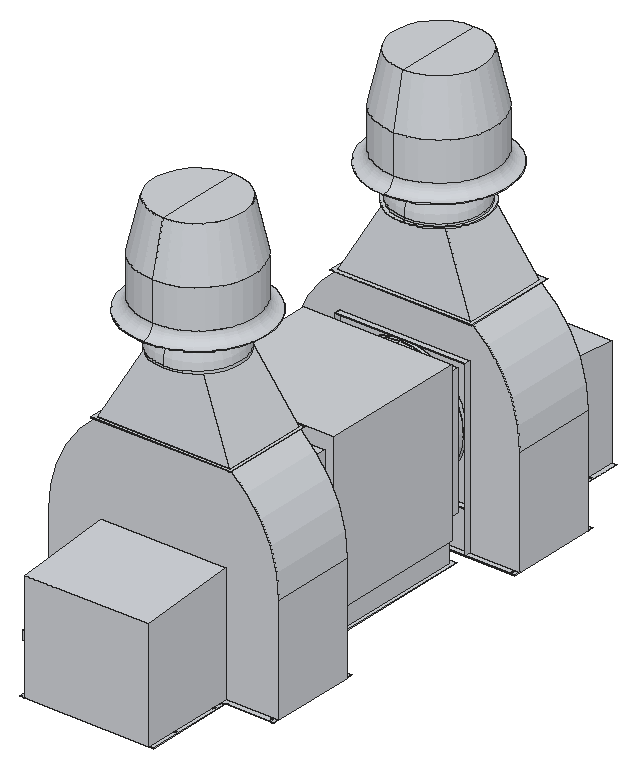
Revit family "CAVP_Opposed_with_Mixing_Box", category Mechanical Equipment, Revit 2019 (continued)
Types (228): name | TRANSITION/2 | TRANSITION | RO/2 | R-((B/2)+1.5") | R+((B/2)+1.5") | R*1.1 | R | OPP | MB_P-4.5" | MB_P+.25" | P | NOZZLE_WB_RAD-2" | NOZZLE_WB_RAD | NOZZLE_WB_OD | NOZZLE_WB/4 | NOZZLE_TOP_RAD | NOZZLE_TOP_OD | NOZZLE_SIZE | NOZZLE_HEIGHT/7*2 | NOZZLE_HEIGHT | NOZZLE_BOTTOM_RAD-3*2 | NOZZLE_BOTTOM_RAD | NOZZLE_BOTTOM_ID | MB_N-(D-J-K-L) | N+(H/2) | N | MB_Q | MB_P | MB_N | MB_HEIGHT/2 | MB_HEIGHT | MB_F | MB_A-D-MB_N-(D-J-K-L) | MB_A | M-(2*(D-L-K-J)) | M | L | K | J+K+L | J | HEIGHT | H/2 | H | F/2 | MB_F-3" | F | E/52*15 | E/2 | E | D-M | D-L-K-J | D | CURB_HEIGHT | CLASS | C/2 | C | B/4 | B/2 | B | A/2 | A | Type Comments | -MB_P-.25" | -(F-((F-H)/2))/2 | -((MB_Q / 2) + 1/8") | (NOZZLE_WB_OD - NOZZLE_TOP_OD) / 4 | (NOZZLE_HEIGHT - (NOZZLE_HEIGHT / 8 * 2)) / 2 | (MB_Q/2)+.125" | (MB_P/2)+.125" | (M - (2 * (D - L - K - J)))/2 | (F-((F-H)/2))/2 | (D-J-K-L)*2 | (B/2)-.125" | (B/2)+1.5" | ((M - (2 * (D - L - K - J))) / 2) + (TRANSITION / 2)
  245_CAVP-18L_CLASS_1_Dual_Opposed_Mixing_Box | 9.05981" | 18.11961" | 17 3/4" | 10 25/32" | 43 7/32" | 29.7" | 27" | 166" | 35 1/2" | 40 1/4" | 60" | 19 1/2" | 21 1/2" | 43" | 8.6" | 13 3/4" | 27 1/2" | 18" | 12" | 48" | 6 13/16" | 12 13/16" | 25 5/8" | 13 3/16" | 24 7/32" | 9 13/32" | 40" | 40" | 14 3/16" | 22 5/8" | 45 1/4" | 7 1/2" | 59 7/8" | 124 15/16" | 19" | 21" | 23" | 16 7/8" | 48 7/8" | 9" | 49.89946" | 14 13/16" | 29 5/8" | 15 13/16" | 4 1/2" | 31 5/8" | 15.1262" | 26 7/32" | 52 7/16" | 28 7/8" | 1" | 49 7/8" | 12" | 1" | 32 3/8" | 64 3/4" | 7 23/64" | 14 23/32" | 29 7/16" | 56 1/8" | 112 1/4" | "Dual Vari-Plume Laboratory Exhaust Centrifugal Airfoil Class 1 Arr 10 With Opposed Mixing Box" | -40 1/4" | -13 13/16" | -20 1/8" | 3 7/8" | 18" | 20 1/8" | 20 1/8" | 9 1/2" | 13 13/16" | 2" | 14 19/32" | 16 7/32" | 18.55981"
  245_CAVP-18H_CLASS_1_Dual_Opposed_Mixing_Box | 9.05981" | 18.11961" | 17 3/4" | 10 25/32" | 43 7/32" | 29.7" | 27" | 166" | 35 1/2" | 40 1/4" | 60" | 19 1/2" | 21 1/2" | 43" | 8.6" | 13 3/4" | 27 1/2" | 18" | 12" | 48" | 6 13/16" | 12 13/16" | 25 5/8" | 13 3/16" | 24 7/32" | 9 13/32" | 40" | 40" | 14 3/16" | 22 5/8" | 45 1/4" | 7 1/2" | 59 7/8" | 124 15/16" | 19" | 21" | 23" | 16 7/8" | 48 7/8" | 9" | 49.89946" | 14 13/16" | 29 5/8" | 15 13/16" | 4 1/2" | 31 5/8" | 15.1262" | 26 7/32" | 52 7/16" | 28 7/8" | 1" | 49 7/8" | 12" | 1" | 32 3/8" | 64 3/4" | 7 23/64" | 14 23/32" | 29 7/16" | 56 1/8" | 112 1/4" | "Dual Vari-Plume Laboratory Exhaust Centrifugal Airfoil Class 1 Arr 10 With Opposed Mixing Box" | -40 1/4" | -13 13/16" | -20 1/8" | 3 7/8" | 18" | 20 1/8" | 20 1/8" | 9 1/2" | 13 13/16" | 2" | 14 19/32" | 16 7/32" | 18.55981"
  245_CAVP-12L_CLASS_2_Dual_Opposed_Mixing_Box | 6.0325" | 12.06501" | 17 3/4" | 10 25/32" | 43 7/32" | 29.7" | 27" | 174 1/2" | 35 1/2" | 40 1/4" | 60" | 12" | 14" | 28" | 5.6" | 9 3/4" | 19 1/2" | 12" | 8" | 32" | 2 17/32" | 8 17/32" | 17 1/16" | 13 3/16" | 24 7/32" | 9 13/32" | 40" | 40" | 14 3/16" | 22 5/8" | 45 1/4" | 7 1/2" | 59 7/8" | 129 3/16" | 19" | 21" | 23" | 21 1/8" | 53 1/8" | 9" | 49.89946" | 14 13/16" | 29 5/8" | 15 13/16" | 4 1/2" | 31 5/8" | 15.1262" | 26 7/32" | 52 7/16" | 33 1/8" | 1" | 54 1/8" | 12" | 2" | 32 3/8" | 64 3/4" | 7 23/64" | 14 23/32" | 29 7/16" | 56 1/8" | 112 1/4" | "Dual Vari-Plume Laboratory Exhaust Centrifugal Airfoil Class 2 Arr 10 With Opposed Mixing Box" | -40 1/4" | -13 13/16" | -20 1/8" | 2 1/8" | 12" | 20 1/8" | 20 1/8" | 9 1/2" | 13 13/16" | 2" | 14 19/32" | 16 7/32" | 15.5325"
  245_CAVP-12H_CLASS_2_Dual_Opposed_Mixing_Box | 6.0325" | 12.06501" | 17 3/4" | 10 25/32" | 43 7/32" | 29.7" | 27" | 174 1/2" | 35 1/2" | 40 1/4" | 60" | 12" | 14" | 28" | 5.6" | 9 3/4" | 19 1/2" | 12" | 8" | 32" | 2 17/32" | 8 17/32" | 17 1/16" | 13 3/16" | 24 7/32" | 9 13/32" | 40" | 40" | 14 3/16" | 22 5/8" | 45 1/4" | 7 1/2" | 59 7/8" | 129 3/16" | 19" | 21" | 23" | 21 1/8" | 53 1/8" | 9" | 49.89946" | 14 13/16" | 29 5/8" | 15 13/16" | 4 1/2" | 31 5/8" | 15.1262" | 26 7/32" | 52 7/16" | 33 1/8" | 1" | 54 1/8" | 12" | 2" | 32 3/8" | 64 3/4" | 7 23/64" | 14 23/32" | 29 7/16" | 56 1/8" | 112 1/4" | "Dual Vari-Plume Laboratory Exhaust Centrifugal Airfoil Class 2 Arr 10 With Opposed Mixing Box" | -40 1/4" | -13 13/16" | -20 1/8" | 2 1/8" | 12" | 20 1/8" | 20 1/8" | 9 1/2" | 13 13/16" | 2" | 14 19/32" | 16 7/32" | 15.5325"
  245_CAVP-15L_CLASS_2_Dual_Opposed_Mixing_Box | 7.5572" | 15.11441" | 17 3/4" | 10 25/32" | 43 7/32" | 29.7" | 27" | 174 1/2" | 35 1/2" | 40 1/4" | 60" | 16" | 18" | 36" | 7.2" | 11 1/2" | 23" | 15" | 10 3/4" | 43" | 4 11/16" | 10 11/16" | 21 3/8" | 13 3/16" | 24 7/32" | 9 13/32" | 40" | 40" | 14 3/16" | 22 5/8" | 45 1/4" | 7 1/2" | 59 7/8" | 129 3/16" | 19" | 21" | 23" | 21 1/8" | 53 1/8" | 9" | 49.89946" | 14 13/16" | 29 5/8" | 15 13/16" | 4 1/2" | 31 5/8" | 15.1262" | 26 7/32" | 52 7/16" | 33 1/8" | 1" | 54 1/8" | 12" | 2" | 32 3/8" | 64 3/4" | 7 23/64" | 14 23/32" | 29 7/16" | 56 1/8" | 112 1/4" | "Dual Vari-Plume Laboratory Exhaust Centrifugal Airfoil Class 2 Arr 10 With Opposed Mixing Box" | -40 1/4" | -13 13/16" | -20 1/8" | 3 1/4" | 16 1/8" | 20 1/8" | 20 1/8" | 9 1/2" | 13 13/16" | 2" | 14 19/32" | 16 7/32" | 17.0572"
  245_CAVP-15H_CLASS_2_Dual_Opposed_Mixing_Box | 7.5572" | 15.11441" | 17 3/4" | 10 25/32" | 43 7/32" | 29.7" | 27" | 174 1/2" | 35 1/2" | 40 1/4" | 60" | 16" | 18" | 36" | 7.2" | 11 1/2" | 23" | 15" | 10 3/4" | 43" | 4 11/16" | 10 11/16" | 21 3/8" | 13 3/16" | 24 7/32" | 9 13/32" | 40" | 40" | 14 3/16" | 22 5/8" | 45 1/4" | 7 1/2" | 59 7/8" | 129 3/16" | 19" | 21" | 23" | 21 1/8" | 53 1/8" | 9" | 49.89946" | 14 13/16" | 29 5/8" | 15 13/16" | 4 1/2" | 31 5/8" | 15.1262" | 26 7/32" | 52 7/16" | 33 1/8" | 1" | 54 1/8" | 12" | 2" | 32 3/8" | 64 3/4" | 7 23/64" | 14 23/32" | 29 7/16" | 56 1/8" | 112 1/4" | "Dual Vari-Plume Laboratory Exhaust Centrifugal Airfoil Class 2 Arr 10 With Opposed Mixing Box" | -40 1/4" | -13 13/16" | -20 1/8" | 3 1/4" | 16 1/8" | 20 1/8" | 20 1/8" | 9 1/2" | 13 13/16" | 2" | 14 19/32" | 16 7/32" | 17.0572"
  245_CAVP-18L_CLASS_2_Dual_Opposed_Mixing_Box | 9.05981" | 18.11961" | 17 3/4" | 10 25/32" | 43 7/32" | 29.7" | 27" | 174 1/2" | 35 1/2" | 40 1/4" | 60" | 19 1/2" | 21 1/2" | 43" | 8.6" | 13 3/4" | 27 1/2" | 18" | 12" | 48" | 6 13/16" | 12 13/16" | 25 5/8" | 13 3/16" | 24 7/32" | 9 13/32" | 40" | 40" | 14 3/16" | 22 5/8" | 45 1/4" | 7 1/2" | 59 7/8" | 129 3/16" | 19" | 21" | 23" | 21 1/8" | 53 1/8" | 9" | 49.89946" | 14 13/16" | 29 5/8" | 15 13/16" | 4 1/2" | 31 5/8" | 15.1262" | 26 7/32" | 52 7/16" | 33 1/8" | 1" | 54 1/8" | 12" | 2" | 32 3/8" | 64 3/4" | 7 23/64" | 14 23/32" | 29 7/16" | 56 1/8" | 112 1/4" | "Dual Vari-Plume Laboratory Exhaust Centrifugal Airfoil Class 2 Arr 10 With Opposed Mixing Box" | -40 1/4" | -13 13/16" | -20 1/8" | 3 7/8" | 18" | 20 1/8" | 20 1/8" | 9 1/2" | 13 13/16" | 2" | 14 19/32" | 16 7/32" | 18.55981"
  245_CAVP-18H_CLASS_2_Dual_Opposed_Mixing_Box | 9.05981" | 18.11961" | 17 3/4" | 10 25/32" | 43 7/32" | 29.7" | 27" | 174 1/2" | 35 1/2" | 40 1/4" | 60" | 19 1/2" | 21 1/2" | 43" | 8.6" | 13 3/4" | 27 1/2" | 18" | 12" | 48" | 6 13/16" | 12 13/16" | 25 5/8" | 13 3/16" | 24 7/32" | 9 13/32" | 40" | 40" | 14 3/16" | 22 5/8" | 45 1/4" | 7 1/2" | 59 7/8" | 129 3/16" | 19" | 21" | 23" | 21 1/8" | 53 1/8" | 9" | 49.89946" | 14 13/16" | 29 5/8" | 15 13/16" | 4 1/2" | 31 5/8" | 15.1262" | 26 7/32" | 52 7/16" | 33 1/8" | 1" | 54 1/8" | 12" | 2" | 32 3/8" | 64 3/4" | 7 23/64" | 14 23/32" | 29 7/16" | 56 1/8" | 112 1/4" | "Dual Vari-Plume Laboratory Exhaust Centrifugal Airfoil Class 2 Arr 10 With Opposed Mixing Box" | -40 1/4" | -13 13/16" | -20 1/8" | 3 7/8" | 18" | 20 1/8" | 20 1/8" | 9 1/2" | 13 13/16" | 2" | 14 19/32" | 16 7/32" | 18.55981"
  270_CAVP-12L_CLASS_1_Dual_Opposed_Mixing_Box | 6.0325" | 12.06501" | 19 1/4" | 9 17/32" | 44 15/32" | 29.7" | 27" | 178 1/4" | 38 1/2" | 43 1/4" | 60" | 12" | 14" | 28" | 5.6" | 9 3/4" | 19 1/2" | 12" | 8" | 32" | 2 17/32" | 8 17/32" | 17 1/16" | 13 3/16" | 26 25/32" | 10 19/32" | 43" | 43" | 14 3/16" | 23 7/8" | 47 3/4" | 6 1/4" | 62 3/4" | 132 7/16" | 20 7/8" | 22 7/8" | 24 7/8" | 19 1/8" | 53 1/2" | 9 1/2" | 52.13754" | 16 3/16" | 32 3/8" | 17 3/16" | 3 1/4" | 34 3/8" | 16.60457" | 28 25/32" | 57 9/16" | 31 5/8" | 1" | 54 1/2" | 12" | 1" | 34 15/32" | 68 15/16" | 7 63/64" | 15 31/32" | 31 15/16" | 58 7/32" | 116 7/16" | "Dual Vari-Plume Laboratory Exhaust Centrifugal Airfoil Class 1 Arr 10 With Opposed Mixing Box" | -43 1/4" | -15 3/16" | -21 5/8" | 2 1/8" | 12" | 21 5/8" | 21 5/8" | 10 7/16" | 15 3/16" | 2" | 15 27/32" | 17 15/32" | 16.47"
  270_CAVP-12H_CLASS_1_Dual_Opposed_Mixing_Box | 6.0325" | 12.06501" | 19 1/4" | 9 17/32" | 44 15/32" | 29.7" | 27" | 178 1/4" | 38 1/2" | 43 1/4" | 60" | 12" | 14" | 28" | 5.6" | 9 3/4" | 19 1/2" | 12" | 8" | 32" | 2 17/32" | 8 17/32" | 17 1/16" | 13 3/16" | 26 25/32" | 10 19/32" | 43" | 43" | 14 3/16" | 23 7/8" | 47 3/4" | 6 1/4" | 62 3/4" | 132 7/16" | 20 7/8" | 22 7/8" | 24 7/8" | 19 1/8" | 53 1/2" | 9 1/2" | 52.13754" | 16 3/16" | 32 3/8" | 17 3/16" | 3 1/4" | 34 3/8" | 16.60457" | 28 25/32" | 57 9/16" | 31 5/8" | 1" | 54 1/2" | 12" | 1" | 34 15/32" | 68 15/16" | 7 63/64" | 15 31/32" | 31 15/16" | 58 7/32" | 116 7/16" | "Dual Vari-Plume Laboratory Exhaust Centrifugal Airfoil Class 1 Arr 10 With Opposed Mixing Box" | -43 1/4" | -15 3/16" | -21 5/8" | 2 1/8" | 12" | 21 5/8" | 21 5/8" | 10 7/16" | 15 3/16" | 2" | 15 27/32" | 17 15/32" | 16.47"
  270_CAVP-15L_CLASS_1_Dual_Opposed_Mixing_Box | 7.5572" | 15.11441" | 19 1/4" | 9 17/32" | 44 15/32" | 29.7" | 27" | 178 1/4" | 38 1/2" | 43 1/4" | 60" | 16" | 18" | 36" | 7.2" | 11 1/2" | 23" | 15" | 10 3/4" | 43" | 4 11/16" | 10 11/16" | 21 3/8" | 13 3/16" | 26 25/32" | 10 19/32" | 43" | 43" | 14 3/16" | 23 7/8" | 47 3/4" | 6 1/4" | 62 3/4" | 132 7/16" | 20 7/8" | 22 7/8" | 24 7/8" | 19 1/8" | 53 1/2" | 9 1/2" | 52.13754" | 16 3/16" | 32 3/8" | 17 3/16" | 3 1/4" | 34 3/8" | 16.60457" | 28 25/32" | 57 9/16" | 31 5/8" | 1" | 54 1/2" | 12" | 1" | 34 15/32" | 68 15/16" | 7 63/64" | 15 31/32" | 31 15/16" | 58 7/32" | 116 7/16" | "Dual Vari-Plume Laboratory Exhaust Centrifugal Airfoil Class 1 Arr 10 With Opposed Mixing Box" | -43 1/4" | -15 3/16" | -21 5/8" | 3 1/4" | 16 1/8" | 21 5/8" | 21 5/8" | 10 7/16" | 15 3/16" | 2" | 15 27/32" | 17 15/32" | 17.9947"
  270_CAVP-15H_CLASS_1_Dual_Opposed_Mixing_Box | 7.5572" | 15.11441" | 19 1/4" | 9 17/32" | 44 15/32" | 29.7" | 27" | 178 1/4" | 38 1/2" | 43 1/4" | 60" | 16" | 18" | 36" | 7.2" | 11 1/2" | 23" | 15" | 10 3/4" | 43" | 4 11/16" | 10 11/16" | 21 3/8" | 13 3/16" | 26 25/32" | 10 19/32" | 43" | 43" | 14 3/16" | 23 7/8" | 47 3/4" | 6 1/4" | 62 3/4" | 132 7/16" | 20 7/8" | 22 7/8" | 24 7/8" | 19 1/8" | 53 1/2" | 9 1/2" | 52.13754" | 16 3/16" | 32 3/8" | 17 3/16" | 3 1/4" | 34 3/8" | 16.60457" | 28 25/32" | 57 9/16" | 31 5/8" | 1" | 54 1/2" | 12" | 1" | 34 15/32" | 68 15/16" | 7 63/64" | 15 31/32" | 31 15/16" | 58 7/32" | 116 7/16" | "Dual Vari-Plume Laboratory Exhaust Centrifugal Airfoil Class 1 Arr 10 With Opposed Mixing Box" | -43 1/4" | -15 3/16" | -21 5/8" | 3 1/4" | 16 1/8" | 21 5/8" | 21 5/8" | 10 7/16" | 15 3/16" | 2" | 15 27/32" | 17 15/32" | 17.9947"
  270_CAVP-18L_CLASS_1_Dual_Opposed_Mixing_Box | 9.05981" | 18.11961" | 19 1/4" | 9 17/32" | 44 15/32" | 29.7" | 27" | 178 1/4" | 38 1/2" | 43 1/4" | 60" | 19 1/2" | 21 1/2" | 43" | 8.6" | 13 3/4" | 27 1/2" | 18" | 12" | 48" | 6 13/16" | 12 13/16" | 25 5/8" | 13 3/16" | 26 25/32" | 10 19/32" | 43" | 43" | 14 3/16" | 23 7/8" | 47 3/4" | 6 1/4" | 62 3/4" | 132 7/16" | 20 7/8" | 22 7/8" | 24 7/8" | 19 1/8" | 53 1/2" | 9 1/2" | 52.13754" | 16 3/16" | 32 3/8" | 17 3/16" | 3 1/4" | 34 3/8" | 16.60457" | 28 25/32" | 57 9/16" | 31 5/8" | 1" | 54 1/2" | 12" | 1" | 34 15/32" | 68 15/16" | 7 63/64" | 15 31/32" | 31 15/16" | 58 7/32" | 116 7/16" | "Dual Vari-Plume Laboratory Exhaust Centrifugal Airfoil Class 1 Arr 10 With Opposed Mixing Box" | -43 1/4" | -15 3/16" | -21 5/8" | 3 7/8" | 18" | 21 5/8" | 21 5/8" | 10 7/16" | 15 3/16" | 2" | 15 27/32" | 17 15/32" | 19.49731"
  270_CAVP-18H_CLASS_1_Dual_Opposed_Mixing_Box | 9.05981" | 18.11961" | 19 1/4" | 9 17/32" | 44 15/32" | 29.7" | 27" | 178 1/4" | 38 1/2" | 43 1/4" | 60" | 19 1/2" | 21 1/2" | 43" | 8.6" | 13 3/4" | 27 1/2" | 18" | 12" | 48" | 6 13/16" | 12 13/16" | 25 5/8" | 13 3/16" | 26 25/32" | 10 19/32" | 43" | 43" | 14 3/16" | 23 7/8" | 47 3/4" | 6 1/4" | 62 3/4" | 132 7/16" | 20 7/8" | 22 7/8" | 24 7/8" | 19 1/8" | 53 1/2" | 9 1/2" | 52.13754" | 16 3/16" | 32 3/8" | 17 3/16" | 3 1/4" | 34 3/8" | 16.60457" | 28 25/32" | 57 9/16" | 31 5/8" | 1" | 54 1/2" | 12" | 1" | 34 15/32" | 68 15/16" | 7 63/64" | 15 31/32" | 31 15/16" | 58 7/32" | 116 7/16" | "Dual Vari-Plume Laboratory Exhaust Centrifugal Airfoil Class 1 Arr 10 With Opposed Mixing Box" | -43 1/4" | -15 3/16" | -21 5/8" | 3 7/8" | 18" | 21 5/8" | 21 5/8" | 10 7/16" | 15 3/16" | 2" | 15 27/32" | 17 15/32" | 19.49731"
  270_CAVP-12L_CLASS_2_Dual_Opposed_Mixing_Box | 6.0325" | 12.06501" | 19 1/4" | 9 17/32" | 44 15/32" | 29.7" | 27" | 182 1/4" | 38 1/2" | 43 1/4" | 60" | 12" | 14" | 28" | 5.6" | 9 3/4" | 19 1/2" | 12" | 8" | 32" | 2 17/32" | 8 17/32" | 17 1/16" | 13 3/16" | 26 3/16" | 10" | 43" | 43" | 14 3/16" | 23 7/8" | 47 3/4" | 6 1/4" | 62 3/4" | 134 7/16" | 20 7/8" | 22 7/8" | 24 7/8" | 21 3/8" | 55 1/2" | 9 1/4" | 52.13754" | 16 3/16" | 32 3/8" | 17 3/16" | 3 1/4" | 34 3/8" | 16.60457" | 28 25/32" | 57 9/16" | 33 5/8" | 1" | 56 1/2" | 12" | 2" | 34 15/32" | 68 15/16" | 7 63/64" | 15 31/32" | 31 15/16" | 58 7/32" | 116 7/16" | "Dual Vari-Plume Laboratory Exhaust Centrifugal Airfoil Class 2 Arr 10 With Opposed Mixing Box" | -43 1/4" | -15 3/16" | -21 5/8" | 2 1/8" | 12" | 21 5/8" | 21 5/8" | 10 7/16" | 15 3/16" | 2" | 15 27/32" | 17 15/32" | 16.47"
  270_CAVP-12H_CLASS_2_Dual_Opposed_Mixing_Box | 6.0325" | 12.06501" | 19 1/4" | 9 17/32" | 44 15/32" | 29.7" | 27" | 182 1/4" | 38 1/2" | 43 1/4" | 60" | 12" | 14" | 28" | 5.6" | 9 3/4" | 19 1/2" | 12" | 8" | 32" | 2 17/32" | 8 17/32" | 17 1/16" | 13 3/16" | 26 3/16" | 10" | 43" | 43" | 14 3/16" | 23 7/8" | 47 3/4" | 6 1/4" | 62 3/4" | 134 7/16" | 20 7/8" | 22 7/8" | 24 7/8" | 21 3/8" | 55 1/2" | 9 1/4" | 52.13754" | 16 3/16" | 32 3/8" | 17 3/16" | 3 1/4" | 34 3/8" | 16.60457" | 28 25/32" | 57 9/16" | 33 5/8" | 1" | 56 1/2" | 12" | 2" | 34 15/32" | 68 15/16" | 7 63/64" | 15 31/32" | 31 15/16" | 58 7/32" | 116 7/16" | "Dual Vari-Plume Laboratory Exhaust Centrifugal Airfoil Class 2 Arr 10 With Opposed Mixing Box" | -43 1/4" | -15 3/16" | -21 5/8" | 2 1/8" | 12" | 21 5/8" | 21 5/8" | 10 7/16" | 15 3/16" | 2" | 15 27/32" | 17 15/32" | 16.47"
  270_CAVP-15L_CLASS_2_Dual_Opposed_Mixing_Box | 7.5572" | 15.11441" | 19 1/4" | 9 17/32" | 44 15/32" | 29.7" | 27" | 182 1/4" | 38 1/2" | 43 1/4" | 60" | 16" | 18" | 36" | 7.2" | 11 1/2" | 23" | 15" | 10 3/4" | 43" | 4 11/16" | 10 11/16" | 21 3/8" | 13 3/16" | 26 3/16" | 10" | 43" | 43" | 14 3/16" | 23 7/8" | 47 3/4" | 6 1/4" | 62 3/4" | 134 7/16" | 20 7/8" | 22 7/8" | 24 7/8" | 21 3/8" | 55 1/2" | 9 1/4" | 52.13754" | 16 3/16" | 32 3/8" | 17 3/16" | 3 1/4" | 34 3/8" | 16.60457" | 28 25/32" | 57 9/16" | 33 5/8" | 1" | 56 1/2" | 12" | 2" | 34 15/32" | 68 15/16" | 7 63/64" | 15 31/32" | 31 15/16" | 58 7/32" | 116 7/16" | "Dual Vari-Plume Laboratory Exhaust Centrifugal Airfoil Class 2 Arr 10 With Opposed Mixing Box" | -43 1/4" | -15 3/16" | -21 5/8" | 3 1/4" | 16 1/8" | 21 5/8" | 21 5/8" | 10 7/16" | 15 3/16" | 2" | 15 27/32" | 17 15/32" | 17.9947"
  270_CAVP-15H_CLASS_2_Dual_Opposed_Mixing_Box | 7.5572" | 15.11441" | 19 1/4" | 9 17/32" | 44 15/32" | 29.7" | 27" | 182 1/4" | 38 1/2" | 43 1/4" | 60" | 16" | 18" | 36" | 7.2" | 11 1/2" | 23" | 15" | 10 3/4" | 43" | 4 11/16" | 10 11/16" | 21 3/8" | 13 3/16" | 26 3/16" | 10" | 43" | 43" | 14 3/16" | 23 7/8" | 47 3/4" | 6 1/4" | 62 3/4" | 134 7/16" | 20 7/8" | 22 7/8" | 24 7/8" | 21 3/8" | 55 1/2" | 9 1/4" | 52.13754" | 16 3/16" | 32 3/8" | 17 3/16" | 3 1/4" | 34 3/8" | 16.60457" | 28 25/32" | 57 9/16" | 33 5/8" | 1" | 56 1/2" | 12" | 2" | 34 15/32" | 68 15/16" | 7 63/64" | 15 31/32" | 31 15/16" | 58 7/32" | 116 7/16" | "Dual Vari-Plume Laboratory Exhaust Centrifugal Airfoil Class 2 Arr 10 With Opposed Mixing Box" | -43 1/4" | -15 3/16" | -21 5/8" | 3 1/4" | 16 1/8" | 21 5/8" | 21 5/8" | 10 7/16" | 15 3/16" | 2" | 15 27/32" | 17 15/32" | 17.9947"
  270_CAVP-18L_CLASS_2_Dual_Opposed_Mixing_Box | 9.05981" | 18.11961" | 19 1/4" | 9 17/32" | 44 15/32" | 29.7" | 27" | 182 1/4" | 38 1/2" | 43 1/4" | 60" | 19 1/2" | 21 1/2" | 43" | 8.6" | 13 3/4" | 27 1/2" | 18" | 12" | 48" | 6 13/16" | 12 13/16" | 25 5/8" | 13 3/16" | 26 3/16" | 10" | 43" | 43" | 14 3/16" | 23 7/8" | 47 3/4" | 6 1/4" | 62 3/4" | 134 7/16" | 20 7/8" | 22 7/8" | 24 7/8" | 21 3/8" | 55 1/2" | 9 1/4" | 52.13754" | 16 3/16" | 32 3/8" | 17 3/16" | 3 1/4" | 34 3/8" | 16.60457" | 28 25/32" | 57 9/16" | 33 5/8" | 1" | 56 1/2" | 12" | 2" | 34 15/32" | 68 15/16" | 7 63/64" | 15 31/32" | 31 15/16" | 58 7/32" | 116 7/16" | "Dual Vari-Plume Laboratory Exhaust Centrifugal Airfoil Class 2 Arr 10 With Opposed Mixing Box" | -43 1/4" | -15 3/16" | -21 5/8" | 3 7/8" | 18" | 21 5/8" | 21 5/8" | 10 7/16" | 15 3/16" | 2" | 15 27/32" | 17 15/32" | 19.49731"
  270_CAVP-18H_CLASS_2_Dual_Opposed_Mixing_Box | 9.05981" | 18.11961" | 19 1/4" | 9 17/32" | 44 15/32" | 29.7" | 27" | 182 1/4" | 38 1/2" | 43 1/4" | 60" | 19 1/2" | 21 1/2" | 43" | 8.6" | 13 3/4" | 27 1/2" | 18" | 12" | 48" | 6 13/16" | 12 13/16" | 25 5/8" | 13 3/16" | 26 3/16" | 10" | 43" | 43" | 14 3/16" | 23 7/8" | 47 3/4" | 6 1/4" | 62 3/4" | 134 7/16" | 20 7/8" | 22 7/8" | 24 7/8" | 21 3/8" | 55 1/2" | 9 1/4" | 52.13754" | 16 3/16" | 32 3/8" | 17 3/16" | 3 1/4" | 34 3/8" | 16.60457" | 28 25/32" | 57 9/16" | 33 5/8" | 1" | 56 1/2" | 12" | 2" | 34 15/32" | 68 15/16" | 7 63/64" | 15 31/32" | 31 15/16" | 58 7/32" | 116 7/16" | "Dual Vari-Plume Laboratory Exhaust Centrifugal Airfoil Class 2 Arr 10 With Opposed Mixing Box" | -43 1/4" | -15 3/16" | -21 5/8" | 3 7/8" | 18" | 21 5/8" | 21 5/8" | 10 7/16" | 15 3/16" | 2" | 15 27/32" | 17 15/32" | 19.49731"
  300_CAVP-12L_CLASS_1_Dual_Opposed_Mixing_Box | 6.0325" | 12.06501" | 20 3/4" | 11 1/32" | 48 31/32" | 33" | 30" | 186 7/8" | 41 1/2" | 46 1/4" | 60" | 12" | 14" | 28" | 5.6" | 9 3/4" | 19 1/2" | 12" | 8" | 32" | 2 17/32" | 8 17/32" | 17 1/16" | 13 3/16" | 29 7/8" | 12 3/16" | 46" | 46" | 14 3/16" | 25 3/8" | 50 3/4" | 7 3/4" | 67 5/8" | 140 1/8" | 23 3/16" | 25 3/16" | 27 3/16" | 19 1/8" | 56 5/16" | 10" | 57.83963" | 17 11/16" | 35 3/8" | 18 11/16" | 4 3/4" | 37 3/8" | 18.38942" | 31 7/8" | 63 3/4" | 32 1/8" | 1" | 57 5/16" | 12" | 1" | 37 15/32" | 74 15/16" | 8 47/64" | 17 15/32" | 34 15/16" | 61 7/32" | 122 7/16" | "Dual Vari-Plume Laboratory Exhaust Centrifugal Airfoil Class 1 Arr 10 With Opposed Mixing Box" | -46 1/4" | -16 11/16" | -23 1/8" | 2 1/8" | 12" | 23 1/8" | 23 1/8" | 11 19/32" | 16 11/16" | 2" | 17 11/32" | 18 31/32" | 17.62625"
  300_CAVP-12H_CLASS_1_Dual_Opposed_Mixing_Box | 6.0325" | 12.06501" | 20 3/4" | 11 1/32" | 48 31/32" | 33" | 30" | 186 7/8" | 41 1/2" | 46 1/4" | 60" | 12" | 14" | 28" | 5.6" | 9 3/4" | 19 1/2" | 12" | 8" | 32" | 2 17/32" | 8 17/32" | 17 1/16" | 13 3/16" | 29 7/8" | 12 3/16" | 46" | 46" | 14 3/16" | 25 3/8" | 50 3/4" | 7 3/4" | 67 5/8" | 140 1/8" | 23 3/16" | 25 3/16" | 27 3/16" | 19 1/8" | 56 5/16" | 10" | 57.83963" | 17 11/16" | 35 3/8" | 18 11/16" | 4 3/4" | 37 3/8" | 18.38942" | 31 7/8" | 63 3/4" | 32 1/8" | 1" | 57 5/16" | 12" | 1" | 37 15/32" | 74 15/16" | 8 47/64" | 17 15/32" | 34 15/16" | 61 7/32" | 122 7/16" | "Dual Vari-Plume Laboratory Exhaust Centrifugal Airfoil Class 1 Arr 10 With Opposed Mixing Box" | -46 1/4" | -16 11/16" | -23 1/8" | 2 1/8" | 12" | 23 1/8" | 23 1/8" | 11 19/32" | 16 11/16" | 2" | 17 11/32" | 18 31/32" | 17.62625"
  300_CAVP-15L_CLASS_1_Dual_Opposed_Mixing_Box | 7.5572" | 15.11441" | 20 3/4" | 11 1/32" | 48 31/32" | 33" | 30" | 186 7/8" | 41 1/2" | 46 1/4" | 60" | 16" | 18" | 36" | 7.2" | 11 1/2" | 23" | 15" | 10 3/4" | 43" | 4 11/16" | 10 11/16" | 21 3/8" | 13 3/16" | 29 7/8" | 12 3/16" | 46" | 46" | 14 3/16" | 25 3/8" | 50 3/4" | 7 3/4" | 67 5/8" | 140 1/8" | 23 3/16" | 25 3/16" | 27 3/16" | 19 1/8" | 56 5/16" | 10" | 57.83963" | 17 11/16" | 35 3/8" | 18 11/16" | 4 3/4" | 37 3/8" | 18.38942" | 31 7/8" | 63 3/4" | 32 1/8" | 1" | 57 5/16" | 12" | 1" | 37 15/32" | 74 15/16" | 8 47/64" | 17 15/32" | 34 15/16" | 61 7/32" | 122 7/16" | "Dual Vari-Plume Laboratory Exhaust Centrifugal Airfoil Class 1 Arr 10 With Opposed Mixing Box" | -46 1/4" | -16 11/16" | -23 1/8" | 3 1/4" | 16 1/8" | 23 1/8" | 23 1/8" | 11 19/32" | 16 11/16" | 2" | 17 11/32" | 18 31/32" | 19.15095"
  300_CAVP-15H_CLASS_1_Dual_Opposed_Mixing_Box | 7.5572" | 15.11441" | 20 3/4" | 11 1/32" | 48 31/32" | 33" | 30" | 186 7/8" | 41 1/2" | 46 1/4" | 60" | 16" | 18" | 36" | 7.2" | 11 1/2" | 23" | 15" | 10 3/4" | 43" | 4 11/16" | 10 11/16" | 21 3/8" | 13 3/16" | 29 7/8" | 12 3/16" | 46" | 46" | 14 3/16" | 25 3/8" | 50 3/4" | 7 3/4" | 67 5/8" | 140 1/8" | 23 3/16" | 25 3/16" | 27 3/16" | 19 1/8" | 56 5/16" | 10" | 57.83963" | 17 11/16" | 35 3/8" | 18 11/16" | 4 3/4" | 37 3/8" | 18.38942" | 31 7/8" | 63 3/4" | 32 1/8" | 1" | 57 5/16" | 12" | 1" | 37 15/32" | 74 15/16" | 8 47/64" | 17 15/32" | 34 15/16" | 61 7/32" | 122 7/16" | "Dual Vari-Plume Laboratory Exhaust Centrifugal Airfoil Class 1 Arr 10 With Opposed Mixing Box" | -46 1/4" | -16 11/16" | -23 1/8" | 3 1/4" | 16 1/8" | 23 1/8" | 23 1/8" | 11 19/32" | 16 11/16" | 2" | 17 11/32" | 18 31/32" | 19.15095"
  300_CAVP-18L_CLASS_1_Dual_Opposed_Mixing_Box | 9.05981" | 18.11961" | 20 3/4" | 11 1/32" | 48 31/32" | 33" | 30" | 186 7/8" | 41 1/2" | 46 1/4" | 60" | 19 1/2" | 21 1/2" | 43" | 8.6" | 13 3/4" | 27 1/2" | 18" | 12" | 48" | 6 13/16" | 12 13/16" | 25 5/8" | 13 3/16" | 29 7/8" | 12 3/16" | 46" | 46" | 14 3/16" | 25 3/8" | 50 3/4" | 140 1/8" | 175 65/128" | 248 1/128" | 23 3/16" | 25 3/16" | 27 3/16" | 19 1/8" | 56 5/16" | 10" | 57.83963" | 17 11/16" | 35 3/8" | 18 11/16" | 137 1/8" | 37 3/8" | 18.38942" | 31 7/8" | 63 3/4" | 32 1/8" | 1" | 57 5/16" | 12" | 1" | 37 15/32" | 74 15/16" | 8 47/64" | 17 15/32" | 34 15/16" | 61 7/32" | 122 7/16" | "Dual Vari-Plume Laboratory Exhaust Centrifugal Airfoil Class 1 Arr 10 With Opposed Mixing Box" | -46 1/4" | -16 11/16" | -23 1/8" | 3 7/8" | 18" | 23 1/8" | 23 1/8" | 11 19/32" | 16 11/16" | 2" | 17 11/32" | 18 31/32" | 20.65356"
  300_CAVP-18H_CLASS_1_Dual_Opposed_Mixing_Box | 9.05981" | 18.11961" | 20 3/4" | 11 1/32" | 48 31/32" | 33" | 30" | 186 7/8" | 41 1/2" | 46 1/4" | 60" | 19 1/2" | 21 1/2" | 43" | 8.6" | 13 3/4" | 27 1/2" | 18" | 12" | 48" | 6 13/16" | 12 13/16" | 25 5/8" | 13 3/16" | 29 7/8" | 12 3/16" | 46" | 46" | 14 3/16" | 25 3/8" | 50 3/4" | 7 3/4" | 67 5/8" | 140 1/8" | 23 3/16" | 25 3/16" | 27 3/16" | 19 1/8" | 56 5/16" | 10" | 57.83963" | 17 11/16" | 35 3/8" | 18 11/16" | 4 3/4" | 37 3/8" | 18.38942" | 31 7/8" | 63 3/4" | 32 1/8" | 1" | 57 5/16" | 12" | 1" | 37 15/32" | 74 15/16" | 8 47/64" | 17 15/32" | 34 15/16" | 61 7/32" | 122 7/16" | "Dual Vari-Plume Laboratory Exhaust Centrifugal Airfoil Class 1 Arr 10 With Opposed Mixing Box" | -46 1/4" | -16 11/16" | -23 1/8" | 3 7/8" | 18" | 23 1/8" | 23 1/8" | 11 19/32" | 16 11/16" | 2" | 17 11/32" | 18 31/32" | 20.65356"
  300_CAVP-12L_CLASS_2_Dual_Opposed_Mixing_Box | 6.0325" | 12.06501" | 20 3/4" | 11 1/32" | 48 31/32" | 33" | 30" | 194 5/8" | 41 1/2" | 46 1/4" | 18 1/4" | 12" | 14" | 28" | 5.6" | 9 3/4" | 19 1/2" | 12" | 8" | 32" | 2 17/32" | 8 17/32" | 17 1/16" | 13 3/16" | 29 7/8" | 12 3/16" | 46" | 46" | 14 3/16" | 25 3/8" | 50 3/4" | 7 3/4" | 67 5/8" | 144" | 23 3/16" | 25 3/16" | 27 3/16" | 23" | 60 3/16" | 10" | 57.83963" | 17 11/16" | 35 3/8" | 18 11/16" | 4 3/4" | 37 3/8" | 18.38942" | 31 7/8" | 63 3/4" | 36" | 1" | 61 3/16" | 12" | 2" | 37 15/32" | 74 15/16" | 8 47/64" | 17 15/32" | 34 15/16" | 61 7/32" | 122 7/16" | "Dual Vari-Plume Laboratory Exhaust Centrifugal Airfoil Class 2 Arr 10 With Opposed Mixing Box" | -46 1/4" | -16 11/16" | -23 1/8" | 2 1/8" | 12" | 23 1/8" | 23 1/8" | 11 19/32" | 16 11/16" | 2" | 17 11/32" | 18 31/32" | 17.62625"
  300_CAVP-12H_CLASS_2_Dual_Opposed_Mixing_Box | 6.0325" | 12.06501" | 20 3/4" | 11 1/32" | 48 31/32" | 33" | 30" | 194 5/8" | 41 1/2" | 46 1/4" | 18 1/4" | 12" | 14" | 28" | 5.6" | 9 3/4" | 19 1/2" | 12" | 8" | 32" | 2 17/32" | 8 17/32" | 17 1/16" | 13 3/16" | 29 7/8" | 12 3/16" | 46" | 46" | 14 3/16" | 25 3/8" | 50 3/4" | 7 3/4" | 67 5/8" | 144" | 23 3/16" | 25 3/16" | 27 3/16" | 23" | 60 3/16" | 10" | 57.83963" | 17 11/16" | 35 3/8" | 18 11/16" | 4 3/4" | 37 3/8" | 18.38942" | 31 7/8" | 63 3/4" | 36" | 1" | 61 3/16" | 12" | 2" | 37 15/32" | 74 15/16" | 8 47/64" | 17 15/32" | 34 15/16" | 61 7/32" | 122 7/16" | "Dual Vari-Plume Laboratory Exhaust Centrifugal Airfoil Class 2 Arr 10 With Opposed Mixing Box" | -46 1/4" | -16 11/16" | -23 1/8" | 2 1/8" | 12" | 23 1/8" | 23 1/8" | 11 19/32" | 16 11/16" | 2" | 17 11/32" | 18 31/32" | 17.62625"
  300_CAVP-15L_CLASS_2_Dual_Opposed_Mixing_Box | 7.5572" | 15.11441" | 20 3/4" | 11 1/32" | 48 31/32" | 33" | 30" | 194 5/8" | 41 1/2" | 46 1/4" | 18 1/4" | 16" | 18" | 36" | 7.2" | 11 1/2" | 23" | 15" | 10 3/4" | 43" | 4 11/16" | 10 11/16" | 21 3/8" | 13 3/16" | 29 7/8" | 12 3/16" | 46" | 46" | 14 3/16" | 25 3/8" | 50 3/4" | 7 3/4" | 67 5/8" | 144" | 23 3/16" | 25 3/16" | 27 3/16" | 23" | 60 3/16" | 10" | 57.83963" | 17 11/16" | 35 3/8" | 18 11/16" | 4 3/4" | 37 3/8" | 18.38942" | 31 7/8" | 63 3/4" | 36" | 1" | 61 3/16" | 12" | 2" | 37 15/32" | 74 15/16" | 8 47/64" | 17 15/32" | 34 15/16" | 61 7/32" | 122 7/16" | "Dual Vari-Plume Laboratory Exhaust Centrifugal Airfoil Class 2 Arr 10 With Opposed Mixing Box" | -46 1/4" | -16 11/16" | -23 1/8" | 3 1/4" | 16 1/8" | 23 1/8" | 23 1/8" | 11 19/32" | 16 11/16" | 2" | 17 11/32" | 18 31/32" | 19.15095"
  300_CAVP-15H_CLASS_2_Dual_Opposed_Mixing_Box | 7.5572" | 15.11441" | 20 3/4" | 11 1/32" | 48 31/32" | 33" | 30" | 194 5/8" | 41 1/2" | 46 1/4" | 18 1/4" | 16" | 18" | 36" | 7.2" | 11 1/2" | 23" | 15" | 10 3/4" | 43" | 4 11/16" | 10 11/16" | 21 3/8" | 13 3/16" | 29 7/8" | 12 3/16" | 46" | 46" | 14 3/16" | 25 3/8" | 50 3/4" | 7 3/4" | 67 5/8" | 144" | 23 3/16" | 25 3/16" | 27 3/16" | 23" | 60 3/16" | 10" | 57.83963" | 17 11/16" | 35 3/8" | 18 11/16" | 4 3/4" | 37 3/8" | 18.38942" | 31 7/8" | 63 3/4" | 36" | 1" | 61 3/16" | 12" | 2" | 37 15/32" | 74 15/16" | 8 47/64" | 17 15/32" | 34 15/16" | 61 7/32" | 122 7/16" | "Dual Vari-Plume Laboratory Exhaust Centrifugal Airfoil Class 2 Arr 10 With Opposed Mixing Box" | -46 1/4" | -16 11/16" | -23 1/8" | 3 1/4" | 16 1/8" | 23 1/8" | 23 1/8" | 11 19/32" | 16 11/16" | 2" | 17 11/32" | 18 31/32" | 19.15095"
  300_CAVP-18L_CLASS_2_Dual_Opposed_Mixing_Box | 9.05981" | 18.11961" | 20 3/4" | 11 1/32" | 48 31/32" | 33" | 30" | 194 5/8" | 41 1/2" | 46 1/4" | 18 1/4" | 19 1/2" | 21 1/2" | 43" | 8.6" | 13 3/4" | 27 1/2" | 18" | 12" | 48" | 6 13/16" | 12 13/16" | 25 5/8" | 13 3/16" | 29 7/8" | 12 3/16" | 46" | 46" | 14 3/16" | 25 3/8" | 50 3/4" | 7 3/4" | 67 5/8" | 144" | 23 3/16" | 25 3/16" | 27 3/16" | 23" | 60 3/16" | 10" | 57.83963" | 17 11/16" | 35 3/8" | 18 11/16" | 4 3/4" | 37 3/8" | 18.38942" | 31 7/8" | 63 3/4" | 36" | 1" | 61 3/16" | 12" | 2" | 37 15/32" | 74 15/16" | 8 47/64" | 17 15/32" | 34 15/16" | 61 7/32" | 122 7/16" | "Dual Vari-Plume Laboratory Exhaust Centrifugal Airfoil Class 2 Arr 10 With Opposed Mixing Box" | -46 1/4" | -16 11/16" | -23 1/8" | 3 7/8" | 18" | 23 1/8" | 23 1/8" | 11 19/32" | 16 11/16" | 2" | 17 11/32" | 18 31/32" | 20.65356"
  300_CAVP-18H_CLASS_2_Dual_Opposed_Mixing_Box | 9.05981" | 18.11961" | 20 3/4" | 11 1/32" | 48 31/32" | 33" | 30" | 194 5/8" | 41 1/2" | 46 1/4" | 18 1/4" | 19 1/2" | 21 1/2" | 43" | 8.6" | 13 3/4" | 27 1/2" | 18" | 12" | 48" | 6 13/16" | 12 13/16" | 25 5/8" | 13 3/16" | 29 7/8" | 12 3/16" | 46" | 46" | 14 3/16" | 25 3/8" | 50 3/4" | 7 3/4" | 67 5/8" | 144" | 23 3/16" | 25 3/16" | 27 3/16" | 23" | 60 3/16" | 10" | 57.83963" | 17 11/16" | 35 3/8" | 18 11/16" | 4 3/4" | 37 3/8" | 18.38942" | 31 7/8" | 63 3/4" | 36" | 1" | 61 3/16" | 12" | 2" | 37 15/32" | 74 15/16" | 8 47/64" | 17 15/32" | 34 15/16" | 61 7/32" | 122 7/16" | "Dual Vari-Plume Laboratory Exhaust Centrifugal Airfoil Class 2 Arr 10 With Opposed Mixing Box" | -46 1/4" | -16 11/16" | -23 1/8" | 3 7/8" | 18" | 23 1/8" | 23 1/8" | 11 19/32" | 16 11/16" | 2" | 17 11/32" | 18 31/32" | 20.65356"
  330_CAVP-15L_CLASS_1_Dual_Opposed_Mixing_Box | 7.5572" | 15.11441" | 22 1/4" | 12 17/32" | 53 15/32" | 36.3" | 33" | 195 3/4" | 44 1/2" | 49 1/4" | 60" | 16" | 18" | 36" | 7.2" | 11 1/2" | 23" | 15" | 10 3/4" | 43" | 4 11/16" | 10 11/16" | 21 3/8" | 13 3/16" | 32 31/32" | 13 25/32" | 49" | 49" | 14 3/16" | 26 7/8" | 53 3/4" | 9 1/4" | 72 5/8" | 148 1/16" | 25 1/2" | 27 1/2" | 29 1/2" | 19 1/4" | 59 1/4" | 10 1/2" | 63.54171" | 19 3/16" | 38 3/8" | 20 3/16" | 6 1/4" | 40 3/8" | 20.17428" | 34 31/32" | 69 15/16" | 32 3/4" | 1" | 60 1/4" | 12" | 1" | 41 13/32" | 82 13/16" | 9 31/64" | 18 31/32" | 37 15/16" | 72 7/32" | 144 7/16" | "Dual Vari-Plume Laboratory Exhaust Centrifugal Airfoil Class 1 Arr 10 With Opposed Mixing Box" | -49 1/4" | -18 3/16" | -24 5/8" | 3 1/4" | 16 1/8" | 24 5/8" | 24 5/8" | 12 3/4" | 18 3/16" | 2" | 18 27/32" | 20 15/32" | 20.3072"
  330_CAVP-15H_CLASS_1_Dual_Opposed_Mixing_Box | 7.5572" | 15.11441" | 22 1/4" | 12 17/32" | 53 15/32" | 36.3" | 33" | 195 3/4" | 44 1/2" | 49 1/4" | 60" | 16" | 18" | 36" | 7.2" | 11 1/2" | 23" | 15" | 10 3/4" | 43" | 4 11/16" | 10 11/16" | 21 3/8" | 13 3/16" | 32 31/32" | 13 25/32" | 49" | 49" | 14 3/16" | 26 7/8" | 53 3/4" | 9 1/4" | 72 5/8" | 148 1/16" | 25 1/2" | 27 1/2" | 29 1/2" | 19 1/4" | 59 1/4" | 10 1/2" | 63.54171" | 19 3/16" | 38 3/8" | 20 3/16" | 6 1/4" | 40 3/8" | 20.17428" | 34 31/32" | 69 15/16" | 32 3/4" | 1" | 60 1/4" | 12" | 1" | 41 13/32" | 82 13/16" | 9 31/64" | 18 31/32" | 37 15/16" | 72 7/32" | 144 7/16" | "Dual Vari-Plume Laboratory Exhaust Centrifugal Airfoil Class 1 Arr 10 With Opposed Mixing Box" | -49 1/4" | -18 3/16" | -24 5/8" | 3 1/4" | 16 1/8" | 24 5/8" | 24 5/8" | 12 3/4" | 18 3/16" | 2" | 18 27/32" | 20 15/32" | 20.3072"
  330_CAVP-18L_CLASS_1_Dual_Opposed_Mixing_Box | 9.05981" | 18.11961" | 22 1/4" | 12 17/32" | 53 15/32" | 36.3" | 33" | 195 3/4" | 44 1/2" | 49 1/4" | 60" | 19 1/2" | 21 1/2" | 43" | 8.6" | 13 3/4" | 27 1/2" | 18" | 12" | 48" | 6 13/16" | 12 13/16" | 25 5/8" | 13 3/16" | 32 31/32" | 13 25/32" | 49" | 49" | 14 3/16" | 26 7/8" | 53 3/4" | 9 1/4" | 72 5/8" | 148 1/16" | 25 1/2" | 27 1/2" | 29 1/2" | 19 1/4" | 59 1/4" | 10 1/2" | 63.54171" | 19 3/16" | 38 3/8" | 20 3/16" | 6 1/4" | 40 3/8" | 20.17428" | 34 31/32" | 69 15/16" | 32 3/4" | 1" | 60 1/4" | 12" | 1" | 41 13/32" | 82 13/16" | 9 31/64" | 18 31/32" | 37 15/16" | 72 7/32" | 144 7/16" | "Dual Vari-Plume Laboratory Exhaust Centrifugal Airfoil Class 1 Arr 10 With Opposed Mixing Box" | -49 1/4" | -18 3/16" | -24 5/8" | 3 7/8" | 18" | 24 5/8" | 24 5/8" | 12 3/4" | 18 3/16" | 2" | 18 27/32" | 20 15/32" | 21.80981"
  330_CAVP-18H_CLASS_1_Dual_Opposed_Mixing_Box | 9.05981" | 18.11961" | 22 1/4" | 12 17/32" | 53 15/32" | 36.3" | 33" | 195 3/4" | 44 1/2" | 49 1/4" | 60" | 19 1/2" | 21 1/2" | 43" | 8.6" | 13 3/4" | 27 1/2" | 18" | 12" | 48" | 6 13/16" | 12 13/16" | 25 5/8" | 13 3/16" | 32 31/32" | 13 25/32" | 49" | 49" | 14 3/16" | 26 7/8" | 53 3/4" | 9 1/4" | 72 5/8" | 148 1/16" | 25 1/2" | 27 1/2" | 29 1/2" | 19 1/4" | 59 1/4" | 10 1/2" | 63.54171" | 19 3/16" | 38 3/8" | 20 3/16" | 6 1/4" | 40 3/8" | 20.17428" | 34 31/32" | 69 15/16" | 32 3/4" | 1" | 60 1/4" | 12" | 1" | 41 13/32" | 82 13/16" | 9 31/64" | 18 31/32" | 37 15/16" | 72 7/32" | 144 7/16" | "Dual Vari-Plume Laboratory Exhaust Centrifugal Airfoil Class 1 Arr 10 With Opposed Mixing Box" | -49 1/4" | -18 3/16" | -24 5/8" | 3 7/8" | 18" | 24 5/8" | 24 5/8" | 12 3/4" | 18 3/16" | 2" | 18 27/32" | 20 15/32" | 21.80981"
  330_CAVP-24L_CLASS_1_Dual_Opposed_Mixing_Box | 12.28598" | 24.57196" | 22 1/4" | 12 17/32" | 53 15/32" | 36.3" | 33" | 195 3/4" | 44 1/2" | 49 1/4" | 60" | 28 1/2" | 30 1/2" | 61" | 12.2" | 18 1/4" | 36 1/2" | 24" | 15 1/2" | 62" | 11 3/8" | 17 3/8" | 34 3/4" | 13 3/16" | 32 31/32" | 13 25/32" | 49" | 49" | 14 3/16" | 26 7/8" | 53 3/4" | 9 1/4" | 72 5/8" | 148 1/16" | 25 1/2" | 27 1/2" | 29 1/2" | 19 1/4" | 59 1/4" | 10 1/2" | 63.54171" | 19 3/16" | 38 3/8" | 20 3/16" | 6 1/4" | 40 3/8" | 20.17428" | 34 31/32" | 69 15/16" | 32 3/4" | 1" | 60 1/4" | 12" | 1" | 41 13/32" | 82 13/16" | 9 31/64" | 18 31/32" | 37 15/16" | 72 7/32" | 144 7/16" | "Dual Vari-Plume Laboratory Exhaust Centrifugal Airfoil Class 1 Arr 10 With Opposed Mixing Box" | -49 1/4" | -18 3/16" | -24 5/8" | 6 1/8" | 23 1/4" | 24 5/8" | 24 5/8" | 12 3/4" | 18 3/16" | 2" | 18 27/32" | 20 15/32" | 25.03598"
  330_CAVP-24H_CLASS_1_Dual_Opposed_Mixing_Box | 12.28598" | 24.57196" | 22 1/4" | 12 17/32" | 53 15/32" | 36.3" | 33" | 195 3/4" | 44 1/2" | 49 1/4" | 60" | 28 1/2" | 30 1/2" | 61" | 12.2" | 18 1/4" | 36 1/2" | 24" | 15 1/2" | 62" | 11 3/8" | 17 3/8" | 34 3/4" | 13 3/16" | 32 31/32" | 13 25/32" | 49" | 49" | 14 3/16" | 26 7/8" | 53 3/4" | 9 1/4" | 72 5/8" | 148 1/16" | 25 1/2" | 27 1/2" | 29 1/2" | 19 1/4" | 59 1/4" | 10 1/2" | 63.54171" | 19 3/16" | 38 3/8" | 20 3/16" | 6 1/4" | 40 3/8" | 20.17428" | 34 31/32" | 69 15/16" | 32 3/4" | 1" | 60 1/4" | 12" | 1" | 41 13/32" | 82 13/16" | 9 31/64" | 18 31/32" | 37 15/16" | 72 7/32" | 144 7/16" | "Dual Vari-Plume Laboratory Exhaust Centrifugal Airfoil Class 1 Arr 10 With Opposed Mixing Box" | -49 1/4" | -18 3/16" | -24 5/8" | 6 1/8" | 23 1/4" | 24 5/8" | 24 5/8" | 12 3/4" | 18 3/16" | 2" | 18 27/32" | 20 15/32" | 25.03598"
  330_CAVP-15L_CLASS_2_Dual_Opposed_Mixing_Box | 7.5572" | 15.11441" | 22 1/4" | 12 17/32" | 53 15/32" | 36.3" | 33" | 203 1/4" | 44 1/2" | 49 1/4" | 60" | 16" | 18" | 36" | 7.2" | 11 1/2" | 23" | 15" | 10 3/4" | 43" | 4 11/16" | 10 11/16" | 21 3/8" | 13 3/16" | 32 31/32" | 13 25/32" | 49" | 49" | 14 3/16" | 26 7/8" | 53 3/4" | 9 1/4" | 72 5/8" | 151 13/16" | 25 1/2" | 27 1/2" | 29 1/2" | 23" | 63" | 10 1/2" | 63.54171" | 19 3/16" | 38 3/8" | 20 3/16" | 6 1/4" | 40 3/8" | 20.17428" | 34 31/32" | 69 15/16" | 36 1/2" | 1" | 64" | 12" | 2" | 41 13/32" | 82 13/16" | 9 31/64" | 18 31/32" | 37 15/16" | 72 7/32" | 144 7/16" | "Dual Vari-Plume Laboratory Exhaust Centrifugal Airfoil Class 2 Arr 10 With Opposed Mixing Box" | -49 1/4" | -18 3/16" | -24 5/8" | 3 1/4" | 16 1/8" | 24 5/8" | 24 5/8" | 12 3/4" | 18 3/16" | 2" | 18 27/32" | 20 15/32" | 20.3072"
  330_CAVP-15H_CLASS_2_Dual_Opposed_Mixing_Box | 7.5572" | 15.11441" | 22 1/4" | 12 17/32" | 53 15/32" | 36.3" | 33" | 203 1/4" | 44 1/2" | 49 1/4" | 60" | 16" | 18" | 36" | 7.2" | 11 1/2" | 23" | 15" | 10 3/4" | 43" | 4 11/16" | 10 11/16" | 21 3/8" | 13 3/16" | 32 31/32" | 13 25/32" | 49" | 49" | 14 3/16" | 26 7/8" | 53 3/4" | 9 1/4" | 72 5/8" | 151 13/16" | 25 1/2" | 27 1/2" | 29 1/2" | 23" | 63" | 10 1/2" | 63.54171" | 19 3/16" | 38 3/8" | 20 3/16" | 6 1/4" | 40 3/8" | 20.17428" | 34 31/32" | 69 15/16" | 36 1/2" | 1" | 64" | 12" | 2" | 41 13/32" | 82 13/16" | 9 31/64" | 18 31/32" | 37 15/16" | 72 7/32" | 144 7/16" | "Dual Vari-Plume Laboratory Exhaust Centrifugal Airfoil Class 2 Arr 10 With Opposed Mixing Box" | -49 1/4" | -18 3/16" | -24 5/8" | 3 1/4" | 16 1/8" | 24 5/8" | 24 5/8" | 12 3/4" | 18 3/16" | 2" | 18 27/32" | 20 15/32" | 20.3072"
  330_CAVP-18L_CLASS_2_Dual_Opposed_Mixing_Box | 9.05981" | 18.11961" | 22 1/4" | 12 17/32" | 53 15/32" | 36.3" | 33" | 203 1/4" | 44 1/2" | 49 1/4" | 60" | 19 1/2" | 21 1/2" | 43" | 8.6" | 13 3/4" | 27 1/2" | 18" | 12" | 48" | 6 13/16" | 12 13/16" | 25 5/8" | 13 3/16" | 32 31/32" | 13 25/32" | 49" | 49" | 14 3/16" | 26 7/8" | 53 3/4" | 9 1/4" | 72 5/8" | 151 13/16" | 25 1/2" | 27 1/2" | 29 1/2" | 23" | 63" | 10 1/2" | 63.54171" | 19 3/16" | 38 3/8" | 20 3/16" | 6 1/4" | 40 3/8" | 20.17428" | 34 31/32" | 69 15/16" | 36 1/2" | 1" | 64" | 12" | 2" | 41 13/32" | 82 13/16" | 9 31/64" | 18 31/32" | 37 15/16" | 72 7/32" | 144 7/16" | "Dual Vari-Plume Laboratory Exhaust Centrifugal Airfoil Class 2 Arr 10 With Opposed Mixing Box" | -49 1/4" | -18 3/16" | -24 5/8" | 3 7/8" | 18" | 24 5/8" | 24 5/8" | 12 3/4" | 18 3/16" | 2" | 18 27/32" | 20 15/32" | 21.80981"
  330_CAVP-18H_CLASS_2_Dual_Opposed_Mixing_Box | 9.05981" | 18.11961" | 22 1/4" | 12 17/32" | 53 15/32" | 36.3" | 33" | 203 1/4" | 44 1/2" | 49 1/4" | 60" | 19 1/2" | 21 1/2" | 43" | 8.6" | 13 3/4" | 27 1/2" | 18" | 12" | 48" | 6 13/16" | 12 13/16" | 25 5/8" | 13 3/16" | 32 31/32" | 13 25/32" | 49" | 49" | 14 3/16" | 26 7/8" | 53 3/4" | 9 1/4" | 72 5/8" | 151 13/16" | 25 1/2" | 27 1/2" | 29 1/2" | 23" | 63" | 10 1/2" | 63.54171" | 19 3/16" | 38 3/8" | 20 3/16" | 6 1/4" | 40 3/8" | 20.17428" | 34 31/32" | 69 15/16" | 36 1/2" | 1" | 64" | 12" | 2" | 41 13/32" | 82 13/16" | 9 31/64" | 18 31/32" | 37 15/16" | 72 7/32" | 144 7/16" | "Dual Vari-Plume Laboratory Exhaust Centrifugal Airfoil Class 2 Arr 10 With Opposed Mixing Box" | -49 1/4" | -18 3/16" | -24 5/8" | 3 7/8" | 18" | 24 5/8" | 24 5/8" | 12 3/4" | 18 3/16" | 2" | 18 27/32" | 20 15/32" | 21.80981"
  330_CAVP-24L_CLASS_2_Dual_Opposed_Mixing_Box | 12.28598" | 24.57196" | 22 1/4" | 12 17/32" | 53 15/32" | 36.3" | 33" | 203 1/4" | 44 1/2" | 49 1/4" | 60" | 28 1/2" | 30 1/2" | 61" | 12.2" | 18 1/4" | 36 1/2" | 24" | 15 1/2" | 62" | 11 3/8" | 17 3/8" | 34 3/4" | 13 3/16" | 32 31/32" | 13 25/32" | 49" | 49" | 14 3/16" | 26 7/8" | 53 3/4" | 9 1/4" | 72 5/8" | 151 13/16" | 25 1/2" | 27 1/2" | 29 1/2" | 23" | 63" | 10 1/2" | 63.54171" | 19 3/16" | 38 3/8" | 20 3/16" | 6 1/4" | 40 3/8" | 20.17428" | 34 31/32" | 69 15/16" | 36 1/2" | 1" | 64" | 12" | 2" | 41 13/32" | 82 13/16" | 9 31/64" | 18 31/32" | 37 15/16" | 72 7/32" | 144 7/16" | "Dual Vari-Plume Laboratory Exhaust Centrifugal Airfoil Class 2 Arr 10 With Opposed Mixing Box" | -49 1/4" | -18 3/16" | -24 5/8" | 6 1/8" | 23 1/4" | 24 5/8" | 24 5/8" | 12 3/4" | 18 3/16" | 2" | 18 27/32" | 20 15/32" | 25.03598"
  330_CAVP-24H_CLASS_2_Dual_Opposed_Mixing_Box | 12.28598" | 24.57196" | 22 1/4" | 12 17/32" | 53 15/32" | 36.3" | 33" | 203 1/4" | 44 1/2" | 49 1/4" | 60" | 28 1/2" | 30 1/2" | 61" | 12.2" | 18 1/4" | 36 1/2" | 24" | 15 1/2" | 62" | 11 3/8" | 17 3/8" | 34 3/4" | 13 3/16" | 32 31/32" | 13 25/32" | 49" | 49" | 14 3/16" | 26 7/8" | 53 3/4" | 9 1/4" | 72 5/8" | 151 13/16" | 25 1/2" | 27 1/2" | 29 1/2" | 23" | 63" | 10 1/2" | 63.54171" | 19 3/16" | 38 3/8" | 20 3/16" | 6 1/4" | 40 3/8" | 20.17428" | 34 31/32" | 69 15/16" | 36 1/2" | 1" | 64" | 12" | 2" | 41 13/32" | 82 13/16" | 9 31/64" | 18 31/32" | 37 15/16" | 72 7/32" | 144 7/16" | "Dual Vari-Plume Laboratory Exhaust Centrifugal Airfoil Class 2 Arr 10 With Opposed Mixing Box" | -49 1/4" | -18 3/16" | -24 5/8" | 6 1/8" | 23 1/4" | 24 5/8" | 24 5/8" | 12 3/4" | 18 3/16" | 2" | 18 27/32" | 20 15/32" | 25.03598"
  365_CAVP-15L_CLASS_1_Dual_Opposed_Mixing_Box | 7.5572" | 15.11441" | 23 3/4" | 13 9/32" | 58 23/32" | 39.6" | 36" | 212" | 47 1/2" | 52 1/4" | 18 1/4" | 16" | 18" | 36" | 7.2" | 11 1/2" | 23" | 15" | 10 3/4" | 43" | 4 11/16" | 10 11/16" | 21 3/8" | 13 3/16" | 36 21/32" | 15 7/32" | 52" | 52" | 14 3/16" | 29 1/8" | 58 1/4" | 10 1/2" | 78 1/4" | 160 5/16" | 28 1/8" | 30 1/8" | 32 1/8" | 22 3/4" | 65 7/8" | 11" | 69.76237" | 21 7/16" | 42 7/8" | 22 7/16" | 7 1/2" | 44 7/8" | 22.30168" | 38 21/32" | 77 5/16" | 36 3/4" | 1" | 66 7/8" | 12" | 1" | 46 3/32" | 92 3/16" | 10 39/64" | 21 7/32" | 42 7/16" | 76 29/32" | 153 13/16" | "Dual Vari-Plume Laboratory Exhaust Centrifugal Airfoil Class 1 Arr 10 With Opposed Mixing Box" | -52 1/4" | -20 7/16" | -26 1/8" | 3 1/4" | 16 1/8" | 26 1/8" | 26 1/8" | 14 1/16" | 20 7/16" | 2" | 21 3/32" | 22 23/32" | 21.6197"
  365_CAVP-15H_CLASS_1_Dual_Opposed_Mixing_Box | 7.5572" | 15.11441" | 23 3/4" | 13 9/32" | 58 23/32" | 39.6" | 36" | 212" | 47 1/2" | 52 1/4" | 18 1/4" | 16" | 18" | 36" | 7.2" | 11 1/2" | 23" | 15" | 10 3/4" | 43" | 4 11/16" | 10 11/16" | 21 3/8" | 13 3/16" | 36 21/32" | 15 7/32" | 52" | 52" | 14 3/16" | 29 1/8" | 58 1/4" | 10 1/2" | 78 1/4" | 160 5/16" | 28 1/8" | 30 1/8" | 32 1/8" | 22 3/4" | 65 7/8" | 11" | 69.76237" | 21 7/16" | 42 7/8" | 22 7/16" | 7 1/2" | 44 7/8" | 22.30168" | 38 21/32" | 77 5/16" | 36 3/4" | 1" | 66 7/8" | 12" | 1" | 46 3/32" | 92 3/16" | 10 39/64" | 21 7/32" | 42 7/16" | 76 29/32" | 153 13/16" | "Dual Vari-Plume Laboratory Exhaust Centrifugal Airfoil Class 1 Arr 10 With Opposed Mixing Box" | -52 1/4" | -20 7/16" | -26 1/8" | 3 1/4" | 16 1/8" | 26 1/8" | 26 1/8" | 14 1/16" | 20 7/16" | 2" | 21 3/32" | 22 23/32" | 21.6197"
  365_CAVP-18L_CLASS_1_Dual_Opposed_Mixing_Box | 9.05981" | 18.11961" | 23 3/4" | 13 9/32" | 58 23/32" | 39.6" | 36" | 212" | 47 1/2" | 52 1/4" | 18 1/4" | 19 1/2" | 21 1/2" | 43" | 8.6" | 13 3/4" | 27 1/2" | 18" | 12" | 48" | 6 13/16" | 12 13/16" | 25 5/8" | 13 3/16" | 36 21/32" | 15 7/32" | 52" | 52" | 14 3/16" | 29 1/8" | 58 1/4" | 10 1/2" | 78 1/4" | 160 5/16" | 28 1/8" | 30 1/8" | 32 1/8" | 22 3/4" | 65 7/8" | 11" | 69.76237" | 21 7/16" | 42 7/8" | 22 7/16" | 7 1/2" | 44 7/8" | 22.30168" | 38 21/32" | 77 5/16" | 36 3/4" | 1" | 66 7/8" | 12" | 1" | 46 3/32" | 92 3/16" | 10 39/64" | 21 7/32" | 42 7/16" | 76 29/32" | 153 13/16" | "Dual Vari-Plume Laboratory Exhaust Centrifugal Airfoil Class 1 Arr 10 With Opposed Mixing Box" | -52 1/4" | -20 7/16" | -26 1/8" | 3 7/8" | 18" | 26 1/8" | 26 1/8" | 14 1/16" | 20 7/16" | 2" | 21 3/32" | 22 23/32" | 23.12231"
  365_CAVP-18H_CLASS_1_Dual_Opposed_Mixing_Box | 9.05981" | 18.11961" | 23 3/4" | 13 9/32" | 58 23/32" | 39.6" | 36" | 212" | 47 1/2" | 52 1/4" | 18 1/4" | 19 1/2" | 21 1/2" | 43" | 8.6" | 13 3/4" | 27 1/2" | 18" | 12" | 48" | 6 13/16" | 12 13/16" | 25 5/8" | 13 3/16" | 36 21/32" | 15 7/32" | 52" | 52" | 14 3/16" | 29 1/8" | 58 1/4" | 10 1/2" | 78 1/4" | 160 5/16" | 28 1/8" | 30 1/8" | 32 1/8" | 22 3/4" | 65 7/8" | 11" | 69.76237" | 21 7/16" | 42 7/8" | 22 7/16" | 7 1/2" | 44 7/8" | 22.30168" | 38 21/32" | 77 5/16" | 36 3/4" | 1" | 66 7/8" | 12" | 1" | 46 3/32" | 92 3/16" | 10 39/64" | 21 7/32" | 42 7/16" | 76 29/32" | 153 13/16" | "Dual Vari-Plume Laboratory Exhaust Centrifugal Airfoil Class 1 Arr 10 With Opposed Mixing Box" | -52 1/4" | -20 7/16" | -26 1/8" | 3 7/8" | 18" | 26 1/8" | 26 1/8" | 14 1/16" | 20 7/16" | 2" | 21 3/32" | 22 23/32" | 23.12231"
  365_CAVP-24L_CLASS_1_Dual_Opposed_Mixing_Box | 12.28598" | 24.57196" | 23 3/4" | 13 9/32" | 58 23/32" | 39.6" | 36" | 212" | 47 1/2" | 52 1/4" | 18 1/4" | 28 1/2" | 30 1/2" | 61" | 12.2" | 18 1/4" | 36 1/2" | 24" | 15 1/2" | 62" | 11 3/8" | 17 3/8" | 34 3/4" | 13 3/16" | 36 21/32" | 15 7/32" | 52" | 52" | 14 3/16" | 29 1/8" | 58 1/4" | 10 1/2" | 78 1/4" | 160 5/16" | 28 1/8" | 30 1/8" | 32 1/8" | 22 3/4" | 65 7/8" | 11" | 69.76237" | 21 7/16" | 42 7/8" | 22 7/16" | 7 1/2" | 44 7/8" | 22.30168" | 38 21/32" | 77 5/16" | 36 3/4" | 1" | 66 7/8" | 12" | 1" | 46 3/32" | 92 3/16" | 10 39/64" | 21 7/32" | 42 7/16" | 76 29/32" | 153 13/16" | "Dual Vari-Plume Laboratory Exhaust Centrifugal Airfoil Class 1 Arr 10 With Opposed Mixing Box" | -52 1/4" | -20 7/16" | -26 1/8" | 6 1/8" | 23 1/4" | 26 1/8" | 26 1/8" | 14 1/16" | 20 7/16" | 2" | 21 3/32" | 22 23/32" | 26.34848"
